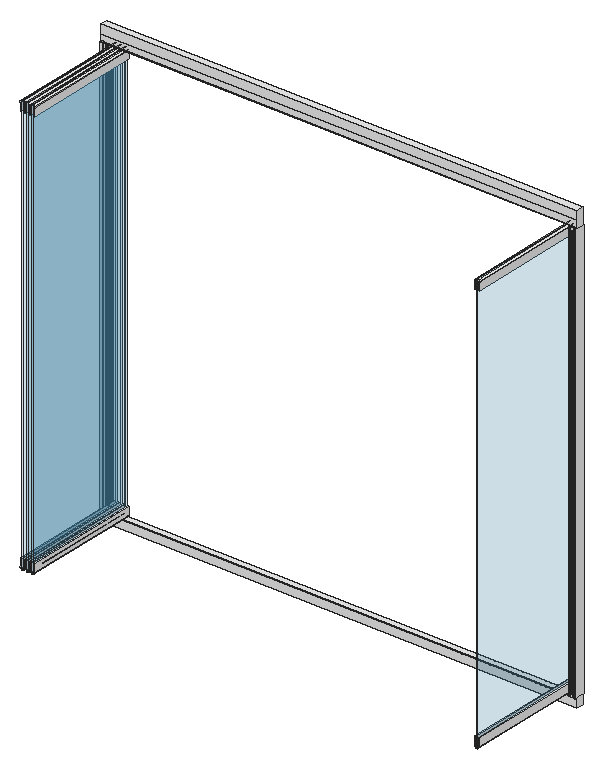
Revit family "Window-NanaWall-SL-25", category Windows, host Wall, Revit 2013 (continued)
Definition of nested family "Header_SL-25"
  Definition of nested family "Detail Item_Header_SL-25"
    Lines and regions (in)
      model lines, style "DetailComponents", in view "Ref. Level"
        curve 6: arc (-0.40687, -1.62503, 0) -> (-0.32309, -1.56987, 0) -> (-0.29062, -1.47496, 0) r 0.155
        curve 7: arc (-0.27125, -1.30058, 0) -> (-0.28495, -1.30626, 0) -> (-0.29062, -1.31996, 0) r 0.01937
        curve 8: arc (0.29063, -1.31996, 0) -> (0.28495, -1.30626, 0) -> (0.27125, -1.30058, 0) r 0.01937
        curve 9: arc (0.29063, -1.47496, 0) -> (0.32309, -1.56987, 0) -> (0.40688, -1.62503, 0) r 0.155
        curve 10: arc (0.40688, -1.68033, 0) -> (0.4239, -1.72143, 0) -> (0.465, -1.73846, 0) r 0.05812
        curve 11: arc (0.52313, -1.73846, 0) -> (0.5425, -1.71908, 0) -> (0.52313, -1.69971, 0) r 0.01938
        curve 12: arc (0.67813, -1.69971, 0) -> (0.65875, -1.71908, 0) -> (0.67813, -1.73846, 0) r 0.01938
        curve 13: arc (0.47655, -2.35928, 0) -> (0.46527, -2.37883, 0) -> (0.48255, -2.39333, 0) r 0.01755
        curve 14: arc (0.6117, -3.01969, 0) -> (0.54345, -3.07392, 0) -> (0.5215, -3.15828, 0) r 0.13756
        curve 15: arc (0.50741, -3.17825, 0) -> (0.4768, -3.1991, 0) -> (0.465, -3.23421, 0) r 0.05812
        curve 16: arc (0.465, -3.26521, 0) -> (0.47067, -3.27891, 0) -> (0.48437, -3.28458, 0) r 0.01938
        curve 17: arc (0.50375, -3.28458, 0) -> (0.51745, -3.27891, 0) -> (0.52313, -3.26521, 0) r 0.01938
        curve 18: arc (0.61046, -3.20421, 0) -> (0.60762, -3.18106, 0) -> (0.58458, -3.17741, 0) r 0.01938
        curve 19: arc (0.63952, -3.07188, 0) -> (0.58829, -3.11228, 0) -> (0.58458, -3.17741, 0) r 0.07944
        curve 20: arc (0.63952, -3.07188, 0) -> (0.65875, -3.08889, 0) -> (0.67798, -3.07188, 0) r 0.01938
        curve 21: arc (0.73292, -3.17741, 0) -> (0.72921, -3.11228, 0) -> (0.67798, -3.07188, 0) r 0.07944
        curve 22: arc (0.73292, -3.17741, 0) -> (0.70988, -3.18106, 0) -> (0.70704, -3.20421, 0) r 0.01937
        curve 23: arc (0.71688, -3.90458, 0) -> (0.75798, -3.88756, 0) -> (0.775, -3.84646, 0) r 0.05812
        curve 24: arc (0.6975, -3.90458, 0) -> (0.6748, -3.84978, 0) -> (0.62, -3.82708, 0) r 0.0775
        curve 25: arc (0.52313, -3.78833, 0) -> (0.51745, -3.77463, 0) -> (0.50375, -3.76896, 0) r 0.01938
        curve 26: arc (0.48437, -3.76896, 0) -> (0.47067, -3.77463, 0) -> (0.465, -3.78833, 0) r 0.01938
        curve 27: arc (0.40688, -3.84646, 0) -> (0.36577, -3.86348, 0) -> (0.34875, -3.90458, 0) r 0.05812
        curve 28: arc (0.34875, -3.96271, 0) -> (0.3601, -3.99011, 0) -> (0.3875, -4.00146, 0) r 0.03875
        curve 29: arc (0.71688, -4.00146, 0) -> (0.82648, -3.95606, 0) -> (0.87188, -3.84646, 0) r 0.155
        curve 30: arc (0.83814, -1.42717, 0) -> (0.82133, -1.43051, 0) -> (0.81375, -1.44588, 0) r 0.01937
        curve 31: arc (0.75563, -1.43621, 0) -> (0.74995, -1.42251, 0) -> (0.73625, -1.41683, 0) r 0.01938
        curve 32: arc (0.71688, -1.41683, 0) -> (0.70317, -1.42251, 0) -> (0.6975, -1.43621, 0) r 0.01937
        curve 33: arc (0.6975, -1.11458, 0) -> (0.70317, -1.12828, 0) -> (0.71688, -1.13396, 0) r 0.01937
        curve 34: arc (0.73625, -1.13396, 0) -> (0.74995, -1.12828, 0) -> (0.75563, -1.11458, 0) r 0.01938
        curve 35: arc (0.81375, -1.10491, 0) -> (0.82133, -1.12028, 0) -> (0.83814, -1.12362, 0) r 0.01937
        curve 36: arc (0.25963, -0.99833, 0) -> (0.28232, -1.05313, 0) -> (0.33713, -1.07583, 0) r 0.0775
        curve 37: arc (-0.33712, -1.07583, 0) -> (-0.28232, -1.05313, 0) -> (-0.25962, -0.99833, 0) r 0.0775
        curve 38: arc (-0.83814, -1.12362, 0) -> (-0.82133, -1.12028, 0) -> (-0.81375, -1.10491, 0) r 0.01937
        curve 39: arc (-0.75562, -1.11458, 0) -> (-0.74995, -1.12828, 0) -> (-0.73625, -1.13396, 0) r 0.01937
        curve 40: arc (-0.71687, -1.13396, 0) -> (-0.70317, -1.12828, 0) -> (-0.6975, -1.11458, 0) r 0.01937
        curve 41: arc (-0.6975, -1.43621, 0) -> (-0.70317, -1.42251, 0) -> (-0.71687, -1.41683, 0) r 0.01937
        curve 42: arc (-0.73625, -1.41683, 0) -> (-0.74995, -1.42251, 0) -> (-0.75562, -1.43621, 0) r 0.01937
        curve 43: arc (-0.81375, -1.44588, 0) -> (-0.82133, -1.43051, 0) -> (-0.83814, -1.42717, 0) r 0.01937
        curve 44: arc (-0.87187, -3.84646, 0) -> (-0.82648, -3.95606, 0) -> (-0.71687, -4.00146, 0) r 0.155
        curve 45: arc (-0.3875, -4.00146, 0) -> (-0.3601, -3.99011, 0) -> (-0.34875, -3.96271, 0) r 0.03875
        curve 46: arc (-0.34875, -3.90458, 0) -> (-0.36577, -3.86348, 0) -> (-0.40687, -3.84646, 0) r 0.05812
        curve 47: arc (-0.465, -3.78833, 0) -> (-0.47067, -3.77463, 0) -> (-0.48437, -3.76896, 0) r 0.01938
        curve 48: arc (-0.50375, -3.76896, 0) -> (-0.51745, -3.77463, 0) -> (-0.52312, -3.78833, 0) r 0.01937
        curve 49: arc (-0.62, -3.82708, 0) -> (-0.6748, -3.84978, 0) -> (-0.6975, -3.90458, 0) r 0.0775
        curve 50: arc (-0.775, -3.84646, 0) -> (-0.75798, -3.88756, 0) -> (-0.71687, -3.90458, 0) r 0.05812
        curve 51: arc (-0.70704, -3.20421, 0) -> (-0.70988, -3.18106, 0) -> (-0.73292, -3.17741, 0) r 0.01938
        curve 52: arc (-0.67798, -3.07188, 0) -> (-0.72921, -3.11228, 0) -> (-0.73292, -3.17741, 0) r 0.07944
        curve 53: arc (-0.67798, -3.07188, 0) -> (-0.65875, -3.08889, 0) -> (-0.63952, -3.07188, 0) r 0.01937
        curve 54: arc (-0.58458, -3.17741, 0) -> (-0.58829, -3.11228, 0) -> (-0.63952, -3.07188, 0) r 0.07944
        curve 55: arc (-0.58458, -3.17741, 0) -> (-0.60762, -3.18106, 0) -> (-0.61046, -3.20421, 0) r 0.01937
        curve 56: arc (-0.52312, -3.26521, 0) -> (-0.51745, -3.27891, 0) -> (-0.50375, -3.28458, 0) r 0.01937
        curve 57: arc (-0.48437, -3.28458, 0) -> (-0.47067, -3.27891, 0) -> (-0.465, -3.26521, 0) r 0.01938
        curve 58: arc (-0.465, -3.23421, 0) -> (-0.4768, -3.1991, 0) -> (-0.50741, -3.17825, 0) r 0.05812
        curve 59: arc (-0.5215, -3.15828, 0) -> (-0.52463, -3.11836, 0) -> (-0.53913, -3.08102, 0) r 0.13756
        curve 60: arc (0.73625, -1.62996, 0) -> (0.73058, -1.61626, 0) -> (0.71688, -1.61058, 0) r 0.01937
        curve 61: arc (-0.71687, -1.61058, 0) -> (-0.73058, -1.61626, 0) -> (-0.73625, -1.62996, 0) r 0.01937
        curve 62: arc (-0.5215, -3.15828, 0) -> (-0.518, -3.17076, 0) -> (-0.50741, -3.17825, 0) r 0.01937
        curve 63: arc (-0.52228, -3.05208, 0) -> (-0.53903, -3.06171, 0) -> (-0.53913, -3.08102, 0) r 0.01938
        curve 64: arc (0.50741, -3.17825, 0) -> (0.518, -3.17076, 0) -> (0.5215, -3.15828, 0) r 0.01938
        curve 65: arc (-0.25187, -5.93896, 0) -> (-0.23817, -5.93328, 0) -> (-0.2325, -5.91958, 0) r 0.01937
        curve 66: arc (-0.2325, -6.15208, 0) -> (-0.23817, -6.13838, 0) -> (-0.25187, -6.13271, 0) r 0.01937
        curve 67: arc (-0.25188, -6.28771, 0) -> (-0.23817, -6.28203, 0) -> (-0.2325, -6.26833, 0) r 0.01937
        curve 68: arc (-0.50375, -6.69458, 0) -> (-0.465, -6.73333, 0) -> (-0.42625, -6.69458, 0) r 0.03875
        curve 69: arc (-0.34875, -6.66552, 0) -> (-0.31969, -6.69458, 0) -> (-0.29062, -6.66552, 0) r 0.02906
        curve 70: arc (-0.2325, -6.57833, 0) -> (-0.23817, -6.56463, 0) -> (-0.25188, -6.55896, 0) r 0.01937
        curve 71: arc (-0.2325, -5.70646, 0) -> (-0.23817, -5.69276, 0) -> (-0.25187, -5.68708, 0) r 0.01937
        curve 72: arc (-0.27125, -5.68708, 0) -> (-0.28495, -5.69276, 0) -> (-0.29062, -5.70646, 0) r 0.01937
        curve 73: arc (0.31, -5.59021, 0) -> (0.31567, -5.60391, 0) -> (0.32938, -5.60958, 0) r 0.01937
        curve 74: arc (0.34875, -5.60958, 0) -> (0.36245, -5.60391, 0) -> (0.36812, -5.59021, 0) r 0.01937
        curve 75: arc (0.04965, -5.35174, 0) -> (0.02699, -5.35377, 0) -> (0.02188, -5.37595, 0) r 0.01937
        curve 76: arc (-0.07707, -5.31881, 0) -> (-0.03972, -5.36838, 0) -> (0.02188, -5.37595, 0) r 0.07944
        curve 77: arc (-0.07707, -5.31881, 0) -> (-0.06006, -5.29958, 0) -> (-0.07707, -5.28035, 0) r 0.01937
        curve 78: arc (0.02188, -5.22322, 0) -> (-0.03972, -5.23079, 0) -> (-0.07707, -5.28035, 0) r 0.07944
        curve 79: arc (0.02188, -5.22322, 0) -> (0.02688, -5.2453, 0) -> (0.04941, -5.24757, 0) r 0.01937
        curve 80: arc (0.36812, -4.98958, 0) -> (0.36245, -4.97588, 0) -> (0.34875, -4.97021, 0) r 0.01937
        curve 81: arc (0.29062, -4.97021, 0) -> (0.27692, -4.97588, 0) -> (0.27125, -4.98958, 0) r 0.01937
        curve 82: arc (0.27125, -5.00896, 0) -> (0.27692, -5.02266, 0) -> (0.29062, -5.02833, 0) r 0.01937
        curve 83: arc (-0.25187, -5.14458, 0) -> (-0.25755, -5.13088, 0) -> (-0.27125, -5.12521, 0) r 0.01937
        curve 84: arc (-0.31, -5.12521, 0) -> (-0.3237, -5.13088, 0) -> (-0.32937, -5.14458, 0) r 0.01937
        curve 85: arc (-0.32937, -5.18333, 0) -> (-0.3237, -5.19703, 0) -> (-0.31, -5.20271, 0) r 0.01937
        curve 86: arc (-0.1619, -5.22975, 0) -> (-0.17089, -5.25618, 0) -> (-0.1756, -5.2837, 0) r 0.17631
        curve 87: arc (-0.3875, -4.98958, 0) -> (-0.36812, -4.97021, 0) -> (-0.3875, -4.95083, 0) r 0.01937
        curve 88: arc (-0.3875, -4.64083, 0) -> (-0.36812, -4.62146, 0) -> (-0.3875, -4.60208, 0) r 0.01937
        curve 89: arc (-0.32937, -4.44708, 0) -> (-0.31803, -4.47448, 0) -> (-0.29062, -4.48583, 0) r 0.03875
        curve 90: arc (-0.27125, -4.48583, 0) -> (-0.25755, -4.48016, 0) -> (-0.25187, -4.46646, 0) r 0.01937
        curve 91: arc (-0.25187, -4.21458, 0) -> (-0.25755, -4.20088, 0) -> (-0.27125, -4.19521, 0) r 0.01937
        curve 92: arc (-0.58125, -6.83021, 0) -> (-0.53585, -6.93981, 0) -> (-0.42625, -6.98521, 0) r 0.155
        curve 93: arc (-0.27125, -6.98521, 0) -> (-0.25755, -6.97953, 0) -> (-0.25187, -6.96583, 0) r 0.01937
        curve 94: arc (-0.37712, -6.88833, 0) -> (-0.33276, -6.92366, 0) -> (-0.27622, -6.91933, 0) r 0.0775
        curve 95: arc (-0.42625, -6.81083, 0) -> (-0.465, -6.84958, 0) -> (-0.42625, -6.88833, 0) r 0.03875
        curve 96: arc (-0.27622, -6.77983, 0) -> (-0.33276, -6.7755, 0) -> (-0.37712, -6.81083, 0) r 0.0775
        curve 97: arc (-0.2552, -6.75881, 0) -> (-0.2384, -6.73367, 0) -> (-0.2325, -6.70401, 0) r 0.0775
        curve 98: arc (-0.44562, -5.24146, 0) -> (-0.42293, -5.29626, 0) -> (-0.36812, -5.31896, 0) r 0.0775
        curve 99: arc (-0.37173, -5.45458, 0) -> (-0.42521, -5.47599, 0) -> (-0.44914, -5.5284, 0) r 0.0775
        curve 100: arc (-0.21419, -5.31896, 0) -> (-0.18805, -5.30881, 0) -> (-0.1756, -5.2837, 0) r 0.03875
        curve 101: arc (-0.42625, -4.38896, 0) -> (-0.45365, -4.40031, 0) -> (-0.465, -4.42771, 0) r 0.03875
        curve 102: arc (-0.42625, -4.98958, 0) -> (-0.43995, -4.99526, 0) -> (-0.44562, -5.00896, 0) r 0.01937
        curve 103: arc (-0.465, -4.93146, 0) -> (-0.45933, -4.94516, 0) -> (-0.44562, -4.95083, 0) r 0.01937
        curve 104: arc (-0.44562, -4.64083, 0) -> (-0.45933, -4.64651, 0) -> (-0.465, -4.66021, 0) r 0.01937
        curve 105: arc (-0.465, -4.58271, 0) -> (-0.45933, -4.59641, 0) -> (-0.44562, -4.60208, 0) r 0.01937
        curve 106: arc (-0.48437, -6.11333, 0) -> (-0.4787, -6.12703, 0) -> (-0.465, -6.13271, 0) r 0.01937
        curve 107: arc (-0.46403, -5.84116, 0) -> (-0.4587, -5.85545, 0) -> (-0.44468, -5.86146, 0) r 0.01937
        curve 108: arc (-0.48437, -6.21021, 0) -> (-0.49808, -6.21588, 0) -> (-0.50375, -6.22958, 0) r 0.01938
        curve 109: arc (-0.32937, -4.40833, 0) -> (-0.33505, -4.39463, 0) -> (-0.34875, -4.38896, 0) r 0.01938
        curve 110: arc (-0.465, -5.93896, 0) -> (-0.4787, -5.94463, 0) -> (-0.48437, -5.95833, 0) r 0.01937
        curve 111: arc (-0.1619, -5.22975, 0) -> (-0.1635, -5.21143, 0) -> (-0.17969, -5.20271, 0) r 0.01937
        curve 112: arc (0.32162, -6.90771, 0) -> (0.31595, -6.89401, 0) -> (0.30225, -6.88833, 0) r 0.01937
        curve 113: arc (0.465, -6.98521, 0) -> (0.5746, -6.93981, 0) -> (0.62, -6.83021, 0) r 0.155
        curve 114: arc (0.32938, -4.19521, 0) -> (0.30197, -4.20656, 0) -> (0.29063, -4.23396, 0) r 0.03875
        curve 115: arc (0.29063, -4.30018, 0) -> (0.29863, -4.32377, 0) -> (0.31935, -4.33761, 0) r 0.03875
        curve 116: arc (0.40874, -4.36157, 0) -> (0.41243, -4.36165, 0) -> (0.41573, -4.36002, 0) r 0.00775
        curve 117: arc (0.5425, -4.38121, 0) -> (0.53115, -4.35381, 0) -> (0.50375, -4.34246, 0) r 0.03875
        curve 118: arc (0.4855, -6.90495, 0) -> (0.52662, -6.8772, 0) -> (0.5425, -6.83021, 0) r 0.0775
        curve 119: arc (0.44459, -6.83408, 0) -> (0.4372, -6.83024, 0) -> (0.43059, -6.83531, 0) r 0.00775
        curve 120: arc (-0.92031, -2.10271, 0) -> (-0.90661, -2.09703, 0) -> (-0.90094, -2.08333, 0) r 0.01937
        curve 121: arc (-0.96875, -2.08333, 0) -> (-0.96308, -2.09703, 0) -> (-0.94937, -2.10271, 0) r 0.01938
        curve 122: arc (-0.90094, -1.92348, 0) -> (-0.87803, -1.84293, 0) -> (-0.89125, -1.76024, 0) r 0.19375
        curve 123: arc (-0.89125, -1.51517, 0) -> (-0.87769, -1.44396, 0) -> (-0.89125, -1.37274, 0) r 0.19375
        curve 124: arc (0.94938, -2.10271, 0) -> (0.96308, -2.09703, 0) -> (0.96875, -2.08333, 0) r 0.01938
        curve 125: arc (0.90094, -2.08333, 0) -> (0.90661, -2.09703, 0) -> (0.92031, -2.10271, 0) r 0.01938
        curve 126: arc (0.89125, -1.76024, 0) -> (0.87803, -1.84293, 0) -> (0.90094, -1.92348, 0) r 0.19375
        curve 127: arc (0.89125, -1.37274, 0) -> (0.87769, -1.44396, 0) -> (0.89125, -1.51517, 0) r 0.19375
        curve 128: arc (-0.77698, -0.27713, 0) -> (-0.87423, -0.22098, 0) -> (-0.81808, -0.31823, 0) r 0.05812
        curve 129: arc (-0.89125, -1.12767, 0) -> (-0.87769, -1.05646, 0) -> (-0.89125, -0.98524, 0) r 0.19375
        curve 130: arc (-0.85898, -0.38336, 0) -> (-0.8228, -0.37214, 0) -> (-0.81347, -0.33543, 0) r 0.03875
        curve 131: arc (-0.89125, -0.74017, 0) -> (-0.87769, -0.66896, 0) -> (-0.89125, -0.59774, 0) r 0.19375
        curve 132: arc (-0.87564, -0.37857, 0) -> (-0.86739, -0.38125, 0) -> (-0.85898, -0.38336, 0) r 0.124
        curve 133: arc (-0.87564, -0.37857, 0) -> (-0.88629, -0.37996, 0) -> (-0.89125, -0.38949, 0) r 0.01163
        curve 134: arc (-0.5425, -0.38608, 0) -> (-0.53683, -0.39978, 0) -> (-0.52312, -0.40546, 0) r 0.01937
        curve 135: arc (-0.52312, -0.33571, 0) -> (-0.53683, -0.34138, 0) -> (-0.5425, -0.35508, 0) r 0.01937
        curve 136: arc (-0.43594, -0.33571, 0) -> (-0.42224, -0.33003, 0) -> (-0.41656, -0.31633, 0) r 0.01937
        curve 137: arc (-0.19375, -0.34733, 0) -> (-0.19942, -0.33363, 0) -> (-0.21312, -0.32796, 0) r 0.01938
        curve 138: arc (-0.21312, -0.40546, 0) -> (-0.19942, -0.39978, 0) -> (-0.19375, -0.38608, 0) r 0.01938
        curve 139: arc (-0.75978, -0.28173, 0) -> (-0.72307, -0.27241, 0) -> (-0.71185, -0.23623, 0) r 0.03875
        curve 140: arc (-0.70572, -0.20396, 0) -> (-0.71525, -0.20892, 0) -> (-0.71664, -0.21957, 0) r 0.01163
        curve 141: arc (-0.71185, -0.23623, 0) -> (-0.71395, -0.22781, 0) -> (-0.71664, -0.21957, 0) r 0.124
        curve 142: arc (-0.41656, -0.22333, 0) -> (-0.42224, -0.20963, 0) -> (-0.43594, -0.20396, 0) r 0.01937
        curve 143: arc (-0.27706, -0.25821, 0) -> (-0.26336, -0.25253, 0) -> (-0.25769, -0.23883, 0) r 0.01937
        curve 144: arc (0.81808, -0.31823, 0) -> (0.87423, -0.22098, 0) -> (0.77698, -0.27713, 0) r 0.05812
        curve 145: arc (0.19375, -0.38608, 0) -> (0.19942, -0.39978, 0) -> (0.21313, -0.40546, 0) r 0.01937
        curve 146: arc (0.21313, -0.32796, 0) -> (0.19942, -0.33363, 0) -> (0.19375, -0.34733, 0) r 0.01937
        curve 147: arc (0.41656, -0.31633, 0) -> (0.42224, -0.33003, 0) -> (0.43594, -0.33571, 0) r 0.01938
        curve 148: arc (0.52313, -0.40546, 0) -> (0.53683, -0.39978, 0) -> (0.5425, -0.38608, 0) r 0.01938
        curve 149: arc (0.5425, -0.35508, 0) -> (0.53683, -0.34138, 0) -> (0.52313, -0.33571, 0) r 0.01938
        curve 150: arc (0.89125, -0.98524, 0) -> (0.87769, -1.05646, 0) -> (0.89125, -1.12767, 0) r 0.19375
        curve 151: arc (0.89125, -0.59774, 0) -> (0.87769, -0.66896, 0) -> (0.89125, -0.74017, 0) r 0.19375
        curve 152: arc (0.81347, -0.33543, 0) -> (0.8228, -0.37214, 0) -> (0.85898, -0.38336, 0) r 0.03875
        curve 153: arc (0.89125, -0.38949, 0) -> (0.88629, -0.37996, 0) -> (0.87564, -0.37857, 0) r 0.01163
        curve 154: arc (0.85898, -0.38336, 0) -> (0.86739, -0.38125, 0) -> (0.87564, -0.37857, 0) r 0.124
        curve 155: arc (0.25769, -0.23883, 0) -> (0.26336, -0.25253, 0) -> (0.27706, -0.25821, 0) r 0.01937
        curve 156: arc (0.43594, -0.20396, 0) -> (0.42224, -0.20963, 0) -> (0.41656, -0.22333, 0) r 0.01938
        curve 157: arc (0.71185, -0.23623, 0) -> (0.72307, -0.27241, 0) -> (0.75978, -0.28173, 0) r 0.03875
        curve 158: arc (0.71664, -0.21957, 0) -> (0.71395, -0.22781, 0) -> (0.71185, -0.23623, 0) r 0.124
        curve 159: arc (0.71664, -0.21957, 0) -> (0.71525, -0.20892, 0) -> (0.70572, -0.20396, 0) r 0.01162
        curve 160: arc (-0.23726, -1.07154, 0) -> (-0.23926, -1.06833, 0) -> (-0.24219, -1.06592, 0) r 0.01163
        curve 161: arc (-0.21278, -1.13066, 0) -> (-0.20849, -1.13587, 0) -> (-0.20203, -1.13783, 0) r 0.01163
        curve 162: arc (0.24219, -1.06592, 0) -> (0.23926, -1.06833, 0) -> (0.23726, -1.07154, 0) r 0.01163
        curve 163: arc (0.20203, -1.13783, 0) -> (0.20849, -1.13587, 0) -> (0.21278, -1.13066, 0) r 0.01162
        curve 164: arc (-0.2325, -0.07221, 0) -> (-0.2462, -0.07788, 0) -> (-0.25187, -0.09158, 0) r 0.01938
        curve 165: arc (0.25769, -0.23883, 0) -> (0.26336, -0.25253, 0) -> (0.27706, -0.25821, 0) r 0.01937
        curve 166: arc (0.25187, -0.09158, 0) -> (0.2462, -0.07788, 0) -> (0.2325, -0.07221, 0) r 0.01937
        curve 167: arc (-0.20507, -6.90291, 0) -> (-0.20423, -6.91726, 0) -> (-0.19375, -6.92708, 0) r 0.01937
        curve 168: arc (-0.20507, -6.84479, 0) -> (-0.20423, -6.85913, 0) -> (-0.19375, -6.86896, 0) r 0.01937
        curve 169: arc (-0.20507, -6.78666, 0) -> (-0.20423, -6.80101, 0) -> (-0.19375, -6.81083, 0) r 0.01937
        curve 170: arc (-0.19502, -6.75653, 0) -> (-0.19514, -6.74394, 0) -> (-0.20295, -6.73408, 0) r 0.01937
        curve 171: arc (-0.21006, -6.72953, 0) -> (-0.22466, -6.72691, 0) -> (-0.23683, -6.73539, 0) r 0.01937
        curve 172: arc (-0.25187, -6.97718, 0) -> (-0.23991, -6.99508, 0) -> (-0.2188, -6.99088, 0) r 0.01938
        curve 173: arc (-0.31, -6.88833, 0) -> (-0.27125, -6.84958, 0) -> (-0.31, -6.81083, 0) r 0.03875
        curve 174: arc (-0.31, -6.81083, 0) -> (-0.34875, -6.84958, 0) -> (-0.31, -6.88833, 0) r 0.03875
        curve 175: arc (-0.2051, -6.97718, 0) -> (-0.1967, -6.96461, 0) -> (-0.19375, -6.94978, 0) r 0.03875
        curve 176: arc (-0.26819, -6.78433, 0) -> (-0.3875, -6.84958, 0) -> (-0.26819, -6.91484, 0) r 0.0775
        curve 177: line (-0.43804, -6.22958, 0) -> (-0.48437, -6.42333, 0)
        curve 178: line (-0.48437, -6.42333, 0) -> (-0.43804, -6.61708, 0)
        curve 179: arc (-0.29837, -6.26446, 0) -> (-0.30225, -6.25774, 0) -> (-0.31, -6.25774, 0) r 0.00775
        curve 180: arc (-0.40486, -6.31251, 0) -> (-0.41028, -6.32559, 0) -> (-0.39905, -6.33421, 0) r 0.01162
        curve 181: arc (-0.39905, -6.51246, 0) -> (-0.41028, -6.52107, 0) -> (-0.40486, -6.53415, 0) r 0.01162
        curve 182: arc (-0.31, -6.58892, 0) -> (-0.30225, -6.58892, 0) -> (-0.29837, -6.58221, 0) r 0.00775
        curve 183: arc (0.47695, -6.85994, 0) -> (0.50595, -6.87195, 0) -> (0.52506, -6.84705, 0) r 0.02578
        curve 184: arc (0.37781, -6.80308, 0) -> (0.38349, -6.81678, 0) -> (0.39719, -6.82246, 0) r 0.01937
        curve 185: arc (0.14531, -5.32864, 0) -> (0.15099, -5.34234, 0) -> (0.16469, -5.34802, 0) r 0.01937
        curve 186: arc (0.16469, -5.25114, 0) -> (0.15099, -5.25682, 0) -> (0.14531, -5.27052, 0) r 0.01937
        curve 187: arc (0.34875, -4.41996, 0) -> (0.35442, -4.43366, 0) -> (0.36813, -4.43933, 0) r 0.01938
        curve 188: arc (0.36813, -4.38121, 0) -> (0.35442, -4.38688, 0) -> (0.34875, -4.40058, 0) r 0.01938
        curve 189: arc (0.45265, -4.35037, 0) -> (0.4397, -4.35229, 0) -> (0.42869, -4.35939, 0) r 0.031
        curve 190: arc (0.52506, -4.42771, 0) -> (0.50413, -4.37474, 0) -> (0.45265, -4.35037, 0) r 0.0775
        curve 191: arc (0.50569, -4.44708, 0) -> (0.51939, -4.44141, 0) -> (0.52506, -4.42771, 0) r 0.01938
        curve 192: arc (0.01936, -3.38113, 0) -> (0.03561, -3.38035, 0) -> (0.05183, -3.37912, 0) r 0.58397
        curve 193: arc (0.05183, -3.37912, 0) -> (0.0567, -3.37866, 0) -> (0.06156, -3.37816, 0) r 0.6057
        curve 194: line (0.06156, -3.37816, 0) -> (0.19016, -3.35204, 0)
        curve 195: line (-0.19016, -3.35204, 0) -> (-0.06156, -3.37816, 0)
        curve 196: arc (-0.06156, -3.37816, 0) -> (-0.05675, -3.37865, 0) -> (-0.05194, -3.37911, 0) r 0.60576
        curve 197: arc (-0.05194, -3.37911, 0) -> (-0.03567, -3.38034, 0) -> (-0.01936, -3.38113, 0) r 0.584
        curve 198: line (-0.38033, -3.21713, 0) -> (-0.28525, -3.18771, 0)
        curve 199: line (-0.28525, -3.18771, 0) -> (-0.19016, -3.21713, 0)
        curve 200: line (-0.26252, -3.37965, 0) -> (-0.19016, -3.35204, 0)
        curve 201: line (-0.38033, -3.35204, 0) -> (-0.28525, -3.38146, 0)
        curve 202: line (0.28525, -3.18771, 0) -> (0.38033, -3.21713, 0)
        curve 203: line (0.19016, -3.21713, 0) -> (0.28525, -3.18771, 0)
        curve 204: arc (0.28525, -3.38146, 0) -> (0.29723, -3.38095, 0) -> (0.30913, -3.37947, 0) r 0.14677
        curve 205: line (0.30913, -3.37947, 0) -> (0.38033, -3.35204, 0)
        curve 206: line (0.19016, -3.35204, 0) -> (0.26075, -3.37936, 0)
        curve 207: line (0.26075, -3.37936, 0) -> (0.28525, -3.38146, 0)
        curve 208: line (-0.19016, -3.21713, 0) -> (0, -3.18771, 0)
        curve 209: line (0, -3.18771, 0) -> (0.19016, -3.21713, 0)
        curve 210: arc (0.73625, -3.82708, 0) -> (0.76365, -3.81573, 0) -> (0.775, -3.78833, 0) r 0.03875
        curve 211: arc (0.775, -3.28458, 0) -> (0.76365, -3.25718, 0) -> (0.73625, -3.24583, 0) r 0.03875
        curve 212: arc (0.27125, -4.52458, 0) -> (0.2599, -4.49718, 0) -> (0.2325, -4.48583, 0) r 0.03875
        curve 213: arc (0.2325, -5.10583, 0) -> (0.2599, -5.09448, 0) -> (0.27125, -5.06708, 0) r 0.03875
        curve 214: arc (-0.31, -5.10583, 0) -> (-0.3237, -5.11151, 0) -> (-0.32937, -5.12521, 0) r 0.01937
        curve 215: arc (-0.36812, -5.20271, 0) -> (-0.34072, -5.19136, 0) -> (-0.32937, -5.16396, 0) r 0.03875
        curve 216: arc (-0.42625, -5.18333, 0) -> (-0.42058, -5.19703, 0) -> (-0.40687, -5.20271, 0) r 0.01937
        curve 217: arc (-0.40687, -4.38896, 0) -> (-0.42058, -4.39463, 0) -> (-0.42625, -4.40833, 0) r 0.01937
        curve 218: arc (-0.32937, -4.42771, 0) -> (-0.3304, -4.41887, 0) -> (-0.33341, -4.41049, 0) r 0.03875
        curve 219: arc (-0.33341, -4.41049, 0) -> (-0.34072, -4.40031, 0) -> (-0.35091, -4.39299, 0) r 0.03875
        curve 220: arc (-0.35091, -4.39299, 0) -> (-0.35929, -4.38998, 0) -> (-0.36812, -4.38896, 0) r 0.03875
        curve 221: arc (-0.32937, -4.46646, 0) -> (-0.3237, -4.48016, 0) -> (-0.31, -4.48583, 0) r 0.01937
        curve 222: arc (-0.6975, -3.67208, 0) -> (-0.69183, -3.68578, 0) -> (-0.67812, -3.69146, 0) r 0.01938
        curve 223: arc (-0.67812, -3.38146, 0) -> (-0.69183, -3.38713, 0) -> (-0.6975, -3.40083, 0) r 0.01938
        curve 224: arc (0.33872, -3.69278, 0) -> (0.31801, -3.70662, 0) -> (0.31, -3.73021, 0) r 0.03875
        curve 225: arc (0.34875, -3.69146, 0) -> (0.34395, -3.69176, 0) -> (0.33922, -3.69265, 0) r 0.03875
        curve 226: arc (-0.31, -3.73021, 0) -> (-0.32135, -3.70281, 0) -> (-0.34875, -3.69146, 0) r 0.03875
        curve 227: arc (0.33872, -3.69278, 0) -> (0.31801, -3.70662, 0) -> (0.31, -3.73021, 0) r 0.03875
        curve 228: arc (0.34875, -3.69146, 0) -> (0.34395, -3.69176, 0) -> (0.33922, -3.69265, 0) r 0.03875
        curve 229: arc (-0.31, -3.73021, 0) -> (-0.32135, -3.70281, 0) -> (-0.34875, -3.69146, 0) r 0.03875
        curve 230: arc (0.30433, -4.10401, 0) -> (0.30822, -4.09841, 0) -> (0.30994, -4.09182, 0) r 0.01937
        curve 231: arc (-0.2325, -4.46646, 0) -> (-0.22683, -4.48016, 0) -> (-0.21312, -4.48583, 0) r 0.01938
        curve 232: arc (0.21313, -4.48583, 0) -> (0.22683, -4.48016, 0) -> (0.2325, -4.46646, 0) r 0.01937
        curve 233: arc (-0.30994, -4.09182, 0) -> (-0.30822, -4.09841, 0) -> (-0.30433, -4.10401, 0) r 0.01938
        curve 234: arc (0.3875, -3.40083, 0) -> (0.38183, -3.38713, 0) -> (0.36813, -3.38146, 0) r 0.01938
        curve 235: arc (0.36813, -3.69146, 0) -> (0.38183, -3.68578, 0) -> (0.3875, -3.67208, 0) r 0.01938
        curve 236: arc (0.2552, -4.15313, 0) -> (0.2384, -4.17828, 0) -> (0.2325, -4.20793, 0) r 0.0775
        curve 237: arc (-0.2325, -4.20793, 0) -> (-0.2384, -4.17828, 0) -> (-0.2552, -4.15313, 0) r 0.0775
        curve 238: arc (0.63938, -3.16833, 0) -> (0.62567, -3.17401, 0) -> (0.62, -3.18771, 0) r 0.01938
        curve 239: arc (0.6975, -3.18771, 0) -> (0.69183, -3.17401, 0) -> (0.67813, -3.16833, 0) r 0.01938
        curve 240: line (0.21762, -5.25114, 0) -> (0.21514, -5.24478, 0)
        curve 241: line (0.171, -5.36823, 0) -> (0.16744, -5.34981, 0)
        curve 242: line (0.1555, -5.25346, 0) -> (0.15393, -5.24339, 0)
        curve 243: line (0.21321, -5.34802, 0) -> (0.21565, -5.35426, 0)
        curve 244: line (0.26091, -5.23544, 0) -> (0.25779, -5.22546, 0)
        curve 245: line (0.36708, -5.29958, 0) -> (0.37208, -5.33055, 0)
        curve 246: line (0.383, -5.33971, 0) -> (0.37429, -5.26676, 0)
        curve 247: line (0.22455, -5.36542, 0) -> (0.22142, -5.34802, 0)
        curve 248: arc (0.20941, -5.25114, 0) -> (0.20881, -5.24727, 0) -> (0.20818, -5.24339, 0) r 0.36075
        curve 249: line (0.39665, -5.35117, 0) -> (0.38874, -5.29958, 0)
        curve 250: line (0.09583, -5.29958, 0) -> (0.10715, -5.35427, 0)
        curve 251: line (0.13081, -5.35577, 0) -> (0.118, -5.29958, 0)
        curve 252: line (0.38874, -5.29958, 0) -> (0.38249, -5.25988, 0)
        curve 253: line (0.18502, -5.35577, 0) -> (0.18114, -5.34802, 0)
        curve 254: line (0.24011, -5.35616, 0) -> (0.23537, -5.34802, 0)
        curve 255: line (0.36364, -5.27768, 0) -> (0.36708, -5.29958, 0)
        curve 256: line (0.15868, -5.34706, 0) -> (0.16132, -5.35414, 0)
        curve 257: line (0.118, -5.29958, 0) -> (0.10664, -5.24477, 0)
        curve 258: line (0.11755, -5.37088, 0) -> (0.09969, -5.24349, 0)
        curve 259: line (0.19076, -5.24301, 0) -> (0.19544, -5.25114, 0)
        curve 260: line (0.13651, -5.24301, 0) -> (0.14535, -5.26925, 0)
        curve 261: line (0.08226, -5.24301, 0) -> (0.09583, -5.29958, 0)
        curve 262: line (0.16337, -5.25119, 0) -> (0.16089, -5.24478, 0)
        curve 263: arc (0.34734, -6.99742, 0) -> (0.34788, -6.98939, 0) -> (0.341, -6.98521, 0) r 0.00775
        curve 264: arc (0.31388, -6.88833, 0) -> (0.32094, -6.88376, 0) -> (0.31967, -6.87543, 0) r 0.00775
        curve 265: arc (0.22084, -6.74241, 0) -> (0.20045, -6.73995, 0) -> (0.19551, -6.75987, 0) r 0.0155
        curve 266: arc (0.20765, -7.00267, 0) -> (0.19441, -7.02947, 0) -> (0.21851, -7.04716, 0) r 0.02325
        curve 267: arc (0.3085, -7.04006, 0) -> (0.31672, -7.03762, 0) -> (0.32309, -7.03187, 0) r 0.01937
        curve 268: arc (0.21438, -6.99971, 0) -> (0.25055, -6.96308, 0) -> (0.25174, -6.91162, 0) r 0.06975
        curve 269: arc (-0.1619, -5.22975, 0) -> (-0.1635, -5.21143, 0) -> (-0.17969, -5.20271, 0) r 0.01937
        curve 270: arc (-0.465, -5.93896, 0) -> (-0.4787, -5.94463, 0) -> (-0.48437, -5.95833, 0) r 0.01937
        curve 271: arc (-0.32937, -4.40833, 0) -> (-0.33505, -4.39463, 0) -> (-0.34875, -4.38896, 0) r 0.01938
        curve 272: arc (-0.48437, -6.21021, 0) -> (-0.49808, -6.21588, 0) -> (-0.50375, -6.22958, 0) r 0.01938
        curve 273: arc (-0.46403, -5.84116, 0) -> (-0.4587, -5.85545, 0) -> (-0.44468, -5.86146, 0) r 0.01937
        curve 274: arc (-0.48437, -6.11333, 0) -> (-0.4787, -6.12703, 0) -> (-0.465, -6.13271, 0) r 0.01937
        curve 275: arc (-0.465, -4.58271, 0) -> (-0.45933, -4.59641, 0) -> (-0.44562, -4.60208, 0) r 0.01937
        curve 276: arc (-0.44562, -4.64083, 0) -> (-0.45933, -4.64651, 0) -> (-0.465, -4.66021, 0) r 0.01937
        curve 277: arc (-0.465, -4.93146, 0) -> (-0.45933, -4.94516, 0) -> (-0.44562, -4.95083, 0) r 0.01937
        curve 278: arc (-0.42625, -4.98958, 0) -> (-0.43995, -4.99526, 0) -> (-0.44562, -5.00896, 0) r 0.01937
        curve 279: arc (-0.42625, -4.38896, 0) -> (-0.45365, -4.40031, 0) -> (-0.465, -4.42771, 0) r 0.03875
        curve 280: arc (-0.21419, -5.31896, 0) -> (-0.18805, -5.30881, 0) -> (-0.1756, -5.2837, 0) r 0.03875
        curve 281: arc (-0.37173, -5.45458, 0) -> (-0.42521, -5.47599, 0) -> (-0.44914, -5.5284, 0) r 0.0775
        curve 282: arc (-0.44562, -5.24146, 0) -> (-0.42293, -5.29626, 0) -> (-0.36812, -5.31896, 0) r 0.0775
        curve 283: arc (-0.42625, -6.81083, 0) -> (-0.465, -6.84958, 0) -> (-0.42625, -6.88833, 0) r 0.03875
        curve 284: arc (-0.58125, -6.83021, 0) -> (-0.53585, -6.93981, 0) -> (-0.42625, -6.98521, 0) r 0.155
        curve 285: arc (-0.25187, -4.21458, 0) -> (-0.25755, -4.20088, 0) -> (-0.27125, -4.19521, 0) r 0.01937
        curve 286: arc (-0.27125, -4.48583, 0) -> (-0.25755, -4.48016, 0) -> (-0.25187, -4.46646, 0) r 0.01937
        curve 287: arc (-0.32937, -4.44708, 0) -> (-0.31803, -4.47448, 0) -> (-0.29062, -4.48583, 0) r 0.03875
        curve 288: arc (-0.3875, -4.64083, 0) -> (-0.36812, -4.62146, 0) -> (-0.3875, -4.60208, 0) r 0.01937
        curve 289: arc (-0.3875, -4.98958, 0) -> (-0.36812, -4.97021, 0) -> (-0.3875, -4.95083, 0) r 0.01937
        curve 290: arc (-0.1619, -5.22975, 0) -> (-0.17089, -5.25618, 0) -> (-0.1756, -5.2837, 0) r 0.17631
        curve 291: arc (-0.32937, -5.18333, 0) -> (-0.3237, -5.19703, 0) -> (-0.31, -5.20271, 0) r 0.01937
        curve 292: arc (-0.31, -5.12521, 0) -> (-0.3237, -5.13088, 0) -> (-0.32937, -5.14458, 0) r 0.01937
        curve 293: arc (-0.25187, -5.14458, 0) -> (-0.25755, -5.13088, 0) -> (-0.27125, -5.12521, 0) r 0.01937
        curve 294: arc (0.27125, -5.00896, 0) -> (0.27692, -5.02266, 0) -> (0.29062, -5.02833, 0) r 0.01937
        curve 295: arc (0.29062, -4.97021, 0) -> (0.27692, -4.97588, 0) -> (0.27125, -4.98958, 0) r 0.01937
        curve 296: arc (0.36812, -4.98958, 0) -> (0.36245, -4.97588, 0) -> (0.34875, -4.97021, 0) r 0.01937
        curve 297: arc (0.02188, -5.22322, 0) -> (-0.03972, -5.23079, 0) -> (-0.07707, -5.28035, 0) r 0.07944
        curve 298: arc (-0.07707, -5.31881, 0) -> (-0.06006, -5.29958, 0) -> (-0.07707, -5.28035, 0) r 0.01937
        curve 299: arc (-0.07707, -5.31881, 0) -> (-0.03972, -5.36838, 0) -> (0.02188, -5.37595, 0) r 0.07944
        curve 300: arc (-0.50375, -6.69458, 0) -> (-0.465, -6.73333, 0) -> (-0.42625, -6.69458, 0) r 0.03875
        curve 301: arc (-0.1619, -5.22975, 0) -> (-0.1635, -5.21143, 0) -> (-0.17969, -5.20271, 0) r 0.01937
        curve 302: arc (-0.465, -5.93896, 0) -> (-0.4787, -5.94463, 0) -> (-0.48437, -5.95833, 0) r 0.01937
        curve 303: arc (-0.32937, -4.40833, 0) -> (-0.33505, -4.39463, 0) -> (-0.34875, -4.38896, 0) r 0.01938
        curve 304: arc (-0.48437, -6.21021, 0) -> (-0.49808, -6.21588, 0) -> (-0.50375, -6.22958, 0) r 0.01938
        curve 305: arc (-0.46403, -5.84116, 0) -> (-0.4587, -5.85545, 0) -> (-0.44468, -5.86146, 0) r 0.01937
        curve 306: arc (-0.48437, -6.11333, 0) -> (-0.4787, -6.12703, 0) -> (-0.465, -6.13271, 0) r 0.01937
        curve 307: arc (-0.465, -4.58271, 0) -> (-0.45933, -4.59641, 0) -> (-0.44562, -4.60208, 0) r 0.01937
        curve 308: arc (-0.44562, -4.64083, 0) -> (-0.45933, -4.64651, 0) -> (-0.465, -4.66021, 0) r 0.01937
        curve 309: arc (-0.465, -4.93146, 0) -> (-0.45933, -4.94516, 0) -> (-0.44562, -4.95083, 0) r 0.01937
        curve 310: arc (-0.42625, -4.98958, 0) -> (-0.43995, -4.99526, 0) -> (-0.44562, -5.00896, 0) r 0.01937
        curve 311: arc (-0.42625, -4.38896, 0) -> (-0.45365, -4.40031, 0) -> (-0.465, -4.42771, 0) r 0.03875
        curve 312: arc (-0.21419, -5.31896, 0) -> (-0.18805, -5.30881, 0) -> (-0.1756, -5.2837, 0) r 0.03875
        curve 313: arc (-0.37173, -5.45458, 0) -> (-0.42521, -5.47599, 0) -> (-0.44914, -5.5284, 0) r 0.0775
        curve 314: arc (-0.44562, -5.24146, 0) -> (-0.42293, -5.29626, 0) -> (-0.36812, -5.31896, 0) r 0.0775
        curve 315: arc (-0.42625, -6.81083, 0) -> (-0.465, -6.84958, 0) -> (-0.42625, -6.88833, 0) r 0.03875
        curve 316: arc (-0.58125, -6.83021, 0) -> (-0.53585, -6.93981, 0) -> (-0.42625, -6.98521, 0) r 0.155
        curve 317: arc (-0.25187, -4.21458, 0) -> (-0.25755, -4.20088, 0) -> (-0.27125, -4.19521, 0) r 0.01937
        curve 318: arc (-0.27125, -4.48583, 0) -> (-0.25755, -4.48016, 0) -> (-0.25187, -4.46646, 0) r 0.01937
        curve 319: arc (-0.3875, -4.64083, 0) -> (-0.36812, -4.62146, 0) -> (-0.3875, -4.60208, 0) r 0.01937
        curve 320: arc (-0.3875, -4.98958, 0) -> (-0.36812, -4.97021, 0) -> (-0.3875, -4.95083, 0) r 0.01937
        curve 321: arc (-0.1619, -5.22975, 0) -> (-0.17089, -5.25618, 0) -> (-0.1756, -5.2837, 0) r 0.17631
        curve 322: arc (-0.32937, -5.18333, 0) -> (-0.3237, -5.19703, 0) -> (-0.31, -5.20271, 0) r 0.01937
        curve 323: arc (-0.31, -5.12521, 0) -> (-0.3237, -5.13088, 0) -> (-0.32937, -5.14458, 0) r 0.01937
        curve 324: arc (-0.25187, -5.14458, 0) -> (-0.25755, -5.13088, 0) -> (-0.27125, -5.12521, 0) r 0.01937
        curve 325: arc (0.27125, -5.00896, 0) -> (0.27692, -5.02266, 0) -> (0.29062, -5.02833, 0) r 0.01937
        curve 326: arc (0.29062, -4.97021, 0) -> (0.27692, -4.97588, 0) -> (0.27125, -4.98958, 0) r 0.01937
        curve 327: arc (0.36812, -4.98958, 0) -> (0.36245, -4.97588, 0) -> (0.34875, -4.97021, 0) r 0.01937
        curve 328: arc (0.02188, -5.22322, 0) -> (-0.03972, -5.23079, 0) -> (-0.07707, -5.28035, 0) r 0.07944
        curve 329: arc (-0.07707, -5.31881, 0) -> (-0.06006, -5.29958, 0) -> (-0.07707, -5.28035, 0) r 0.01937
        curve 330: arc (-0.07707, -5.31881, 0) -> (-0.03972, -5.36838, 0) -> (0.02188, -5.37595, 0) r 0.07944
        curve 331: arc (-0.50375, -6.69458, 0) -> (-0.465, -6.73333, 0) -> (-0.42625, -6.69458, 0) r 0.03875
        curve 332: line (-0.73625, -1.62996, 0) -> (-0.73625, -1.69971, 0)
        curve 333: line (-0.73625, -1.69971, 0) -> (-0.67812, -1.69971, 0)
        curve 334: line (-0.67812, -1.73846, 0) -> (-0.73625, -1.73846, 0)
        curve 335: line (-0.73625, -1.73846, 0) -> (-0.73625, -1.7979, 0)
        curve 336: line (-0.73625, -1.7979, 0) -> (-0.75562, -1.83146, 0)
        curve 337: line (-0.75562, -1.83146, 0) -> (-0.75562, -2.87771, 0)
        curve 338: line (-0.75562, -2.87771, 0) -> (-0.47775, -2.97885, 0)
        curve 339: line (-0.465, -3.03271, 0) -> (-0.465, -2.99705, 0)
        curve 340: line (-0.52312, -1.69971, 0) -> (-0.465, -1.69971, 0)
        curve 341: line (-0.465, -1.69971, 0) -> (-0.465, -1.61058, 0)
        curve 342: line (-0.465, -1.61058, 0) -> (-0.71687, -1.61058, 0)
        curve 343: line (-0.465, -1.73846, 0) -> (-0.52312, -1.73846, 0)
        curve 344: line (-0.40687, -1.62503, 0) -> (-0.40687, -1.68033, 0)
        curve 345: line (-0.29062, -1.47496, 0) -> (-0.29062, -1.31996, 0)
        curve 346: line (-0.27125, -1.30058, 0) -> (-0.02014, -1.30058, 0)
        curve 347: line (-0.02014, -1.30058, 0) -> (0, -1.28896, 0)
        curve 348: line (0, -1.28896, 0) -> (0.02014, -1.30058, 0)
        curve 349: line (0.02014, -1.30058, 0) -> (0.27125, -1.30058, 0)
        curve 350: line (0.29062, -1.31996, 0) -> (0.29062, -1.47496, 0)
        curve 351: line (0.40688, -1.68033, 0) -> (0.40688, -1.62503, 0)
        curve 352: line (0.52313, -1.73846, 0) -> (0.465, -1.73846, 0)
        curve 353: line (0.52313, -1.69971, 0) -> (0.465, -1.69971, 0)
        curve 354: line (0.465, -1.69971, 0) -> (0.465, -1.61058, 0)
        curve 355: line (0.465, -1.61058, 0) -> (0.71688, -1.61058, 0)
        curve 356: line (0.67813, -1.69971, 0) -> (0.73625, -1.69971, 0)
        curve 357: line (0.73625, -1.69971, 0) -> (0.73625, -1.62996, 0)
        curve 358: line (0.47655, -2.35928, 0) -> (0.75563, -2.25771, 0)
        curve 359: line (0.75563, -2.25771, 0) -> (0.75563, -1.83146, 0)
        curve 360: line (0.75563, -1.83146, 0) -> (0.73625, -1.7979, 0)
        curve 361: line (0.73625, -1.7979, 0) -> (0.73625, -1.73846, 0)
        curve 362: line (0.73625, -1.73846, 0) -> (0.67813, -1.73846, 0)
        curve 363: line (0.48255, -2.39333, 0) -> (0.75563, -2.39333, 0)
        curve 364: line (0.75563, -2.39333, 0) -> (0.75563, -2.96731, 0)
        curve 365: line (0.75563, -2.96731, 0) -> (0.6117, -3.01969, 0)
        curve 366: line (0.465, -3.23421, 0) -> (0.465, -3.26521, 0)
        curve 367: line (0.48437, -3.28458, 0) -> (0.50375, -3.28458, 0)
        curve 368: line (0.52313, -3.26521, 0) -> (0.52313, -3.23421, 0)
        curve 369: line (0.52313, -3.23421, 0) -> (0.59314, -3.23421, 0)
        curve 370: line (0.59314, -3.23421, 0) -> (0.61046, -3.20421, 0)
        curve 371: line (0.70704, -3.20421, 0) -> (0.72436, -3.23421, 0)
        curve 372: line (0.72436, -3.23421, 0) -> (0.775, -3.23421, 0)
        curve 373: line (0.775, -3.23421, 0) -> (0.775, -3.84646, 0)
        curve 374: line (0.71688, -3.90458, 0) -> (0.6975, -3.90458, 0)
        curve 375: line (0.62, -3.82708, 0) -> (0.52313, -3.82708, 0)
        curve 376: line (0.52313, -3.82708, 0) -> (0.52313, -3.78833, 0)
        curve 377: line (0.50375, -3.76896, 0) -> (0.48437, -3.76896, 0)
        curve 378: line (0.465, -3.78833, 0) -> (0.465, -3.84646, 0)
        curve 379: line (0.465, -3.84646, 0) -> (0.40688, -3.84646, 0)
        curve 380: line (0.34875, -3.96271, 0) -> (0.34875, -3.90458, 0)
        curve 381: line (0.71688, -4.00146, 0) -> (0.5735, -4.00146, 0)
        curve 382: line (0.5735, -4.00146, 0) -> (0.5735, -3.96271, 0)
        curve 383: line (0.5735, -3.96271, 0) -> (0.62, -3.96271, 0)
        curve 384: line (0.62, -3.96271, 0) -> (0.62, -3.90458, 0)
        curve 385: line (0.62, -3.90458, 0) -> (0.40688, -3.90458, 0)
        curve 386: line (0.40688, -3.90458, 0) -> (0.40688, -3.96271, 0)
        curve 387: line (0.40688, -3.96271, 0) -> (0.45338, -3.96271, 0)
        curve 388: line (0.45338, -3.96271, 0) -> (0.45338, -4.00146, 0)
        curve 389: line (0.45338, -4.00146, 0) -> (0.3875, -4.00146, 0)
        curve 390: line (0.83814, -1.42717, 0) -> (0.87188, -1.43621, 0)
        curve 391: line (0.87188, -1.43621, 0) -> (0.87188, -3.51632, 0)
        curve 392: line (0.87188, -3.51632, 0) -> (0.86025, -3.53646, 0)
        curve 393: line (0.86025, -3.53646, 0) -> (0.87188, -3.55659, 0)
        curve 394: line (0.87188, -3.55659, 0) -> (0.87188, -3.84646, 0)
        curve 395: line (0.81375, -1.44588, 0) -> (0.81375, -1.47496, 0)
        curve 396: line (0.81375, -1.47496, 0) -> (0.75563, -1.47496, 0)
        curve 397: line (0.75563, -1.47496, 0) -> (0.75563, -1.43621, 0)
        curve 398: line (0.73625, -1.41683, 0) -> (0.71688, -1.41683, 0)
        curve 399: line (0.6975, -1.43621, 0) -> (0.6975, -1.47496, 0)
        curve 400: line (0.6975, -1.47496, 0) -> (0.44563, -1.47496, 0)
        curve 401: line (0.44563, -1.47496, 0) -> (0.44563, -1.07583, 0)
        curve 402: line (0.44563, -1.07583, 0) -> (0.6975, -1.07583, 0)
        curve 403: line (0.6975, -1.07583, 0) -> (0.6975, -1.11458, 0)
        curve 404: line (0.71688, -1.13396, 0) -> (0.73625, -1.13396, 0)
        curve 405: line (0.75563, -1.11458, 0) -> (0.75563, -1.07583, 0)
        curve 406: line (0.75563, -1.07583, 0) -> (0.81375, -1.07583, 0)
        curve 407: line (0.81375, -1.07583, 0) -> (0.81375, -1.10491, 0)
        curve 408: line (0.83814, -1.12362, 0) -> (0.87188, -1.11458, 0)
        curve 409: line (0.87188, -1.11458, 0) -> (0.87188, -0.74646, 0)
        curve 410: line (0.87188, -0.74646, 0) -> (0.6937, -0.74646, 0)
        curve 411: line (0.6937, -0.74646, 0) -> (0.67813, -0.80458, 0)
        curve 412: line (0.67813, -0.80458, 0) -> (0.79437, -0.80458, 0)
        curve 413: line (0.79437, -0.80458, 0) -> (0.79437, -0.97896, 0)
        curve 414: line (0.79437, -0.97896, 0) -> (0.33713, -0.97896, 0)
        curve 415: line (0.33713, -0.97896, 0) -> (0.33713, -0.80458, 0)
        curve 416: line (0.33713, -0.80458, 0) -> (0.3875, -0.80458, 0)
        curve 417: line (0.3875, -0.80458, 0) -> (0.37193, -0.74646, 0)
        curve 418: line (0.37193, -0.74646, 0) -> (0.17437, -0.74646, 0)
        curve 419: line (0.17437, -0.74646, 0) -> (0.17437, -0.82396, 0)
        curve 420: line (0.17437, -0.82396, 0) -> (0.25963, -0.82396, 0)
        curve 421: line (0.25963, -0.82396, 0) -> (0.25963, -0.99833, 0)
        curve 422: line (0.33713, -1.07583, 0) -> (0.34875, -1.07583, 0)
        curve 423: line (0.34875, -1.07583, 0) -> (0.34875, -1.14558, 0)
        curve 424: line (0.34875, -1.14558, 0) -> (-0.34875, -1.14558, 0)
        curve 425: line (-0.34875, -1.14558, 0) -> (-0.34875, -1.07583, 0)
        curve 426: line (-0.34875, -1.07583, 0) -> (-0.33712, -1.07583, 0)
        curve 427: line (-0.25962, -0.99833, 0) -> (-0.25962, -0.82396, 0)
        curve 428: line (-0.25962, -0.82396, 0) -> (-0.17437, -0.82396, 0)
        curve 429: line (-0.17437, -0.82396, 0) -> (-0.17437, -0.74646, 0)
        curve 430: line (-0.17437, -0.74646, 0) -> (-0.37193, -0.74646, 0)
        curve 431: line (-0.37193, -0.74646, 0) -> (-0.3875, -0.80458, 0)
        curve 432: line (-0.3875, -0.80458, 0) -> (-0.33712, -0.80458, 0)
        curve 433: line (-0.33712, -0.80458, 0) -> (-0.33712, -0.97896, 0)
        curve 434: line (-0.33712, -0.97896, 0) -> (-0.79437, -0.97896, 0)
        curve 435: line (-0.79437, -0.97896, 0) -> (-0.79437, -0.80458, 0)
        curve 436: line (-0.79437, -0.80458, 0) -> (-0.67812, -0.80458, 0)
        curve 437: line (-0.67812, -0.80458, 0) -> (-0.6937, -0.74646, 0)
        curve 438: line (-0.6937, -0.74646, 0) -> (-0.87187, -0.74646, 0)
        curve 439: line (-0.87187, -0.74646, 0) -> (-0.87187, -1.11458, 0)
        curve 440: line (-0.87187, -1.11458, 0) -> (-0.83814, -1.12362, 0)
        curve 441: line (-0.81375, -1.10491, 0) -> (-0.81375, -1.07583, 0)
        curve 442: line (-0.81375, -1.07583, 0) -> (-0.75562, -1.07583, 0)
        curve 443: line (-0.75562, -1.07583, 0) -> (-0.75562, -1.11458, 0)
        curve 444: line (-0.73625, -1.13396, 0) -> (-0.71687, -1.13396, 0)
        curve 445: line (-0.6975, -1.11458, 0) -> (-0.6975, -1.07583, 0)
        curve 446: line (-0.6975, -1.07583, 0) -> (-0.44562, -1.07583, 0)
        curve 447: line (-0.44562, -1.07583, 0) -> (-0.44562, -1.47496, 0)
        curve 448: line (-0.44562, -1.47496, 0) -> (-0.6975, -1.47496, 0)
        curve 449: line (-0.6975, -1.47496, 0) -> (-0.6975, -1.43621, 0)
        curve 450: line (-0.71687, -1.41683, 0) -> (-0.73625, -1.41683, 0)
        curve 451: line (-0.75562, -1.43621, 0) -> (-0.75562, -1.47496, 0)
        curve 452: line (-0.75562, -1.47496, 0) -> (-0.81375, -1.47496, 0)
        curve 453: line (-0.81375, -1.47496, 0) -> (-0.81375, -1.44588, 0)
        curve 454: line (-0.83814, -1.42717, 0) -> (-0.87187, -1.43621, 0)
        curve 455: line (-0.87187, -1.43621, 0) -> (-0.87187, -3.51632, 0)
        curve 456: line (-0.87187, -3.51632, 0) -> (-0.86025, -3.53646, 0)
        curve 457: line (-0.86025, -3.53646, 0) -> (-0.87187, -3.55659, 0)
        curve 458: line (-0.87187, -3.55659, 0) -> (-0.87187, -3.84646, 0)
        curve 459: line (-0.3875, -4.00146, 0) -> (-0.45337, -4.00146, 0)
        curve 460: line (-0.45337, -4.00146, 0) -> (-0.45337, -3.96271, 0)
        curve 461: line (-0.45337, -3.96271, 0) -> (-0.40687, -3.96271, 0)
        curve 462: line (-0.40687, -3.96271, 0) -> (-0.40687, -3.90458, 0)
        curve 463: line (-0.40687, -3.90458, 0) -> (-0.62, -3.90458, 0)
        curve 464: line (-0.62, -3.90458, 0) -> (-0.62, -3.96271, 0)
        curve 465: line (-0.62, -3.96271, 0) -> (-0.5735, -3.96271, 0)
        curve 466: line (-0.5735, -3.96271, 0) -> (-0.5735, -4.00146, 0)
        curve 467: line (-0.5735, -4.00146, 0) -> (-0.71687, -4.00146, 0)
        curve 468: line (-0.34875, -3.96271, 0) -> (-0.34875, -3.90458, 0)
        curve 469: line (-0.40687, -3.84646, 0) -> (-0.465, -3.84646, 0)
        curve 470: line (-0.465, -3.84646, 0) -> (-0.465, -3.78833, 0)
        curve 471: line (-0.48437, -3.76896, 0) -> (-0.50375, -3.76896, 0)
        curve 472: line (-0.52312, -3.78833, 0) -> (-0.52312, -3.82708, 0)
        curve 473: line (-0.52312, -3.82708, 0) -> (-0.62, -3.82708, 0)
        curve 474: line (-0.6975, -3.90458, 0) -> (-0.71687, -3.90458, 0)
        curve 475: line (-0.775, -3.84646, 0) -> (-0.775, -3.23421, 0)
        curve 476: line (-0.775, -3.23421, 0) -> (-0.72436, -3.23421, 0)
        curve 477: line (-0.72436, -3.23421, 0) -> (-0.70704, -3.20421, 0)
        curve 478: line (-0.61046, -3.20421, 0) -> (-0.59314, -3.23421, 0)
        curve 479: line (-0.59314, -3.23421, 0) -> (-0.52312, -3.23421, 0)
        curve 480: line (-0.52312, -3.23421, 0) -> (-0.52312, -3.26521, 0)
        curve 481: line (-0.50375, -3.28458, 0) -> (-0.48437, -3.28458, 0)
        curve 482: line (-0.465, -3.26521, 0) -> (-0.465, -3.23421, 0)
        curve 483: line (-0.52228, -3.05208, 0) -> (-0.48437, -3.05208, 0)
        curve 484: line (-0.465, -5.93896, 0) -> (-0.25187, -5.93896, 0)
        curve 485: line (-0.25187, -5.93896, 0) -> (-0.465, -5.93896, 0)
        curve 486: line (-0.465, -5.93896, 0) -> (-0.25187, -5.93896, 0)
        curve 487: line (-0.48437, -6.11333, 0) -> (-0.48437, -5.95833, 0)
        curve 488: line (-0.48437, -5.95833, 0) -> (-0.48437, -6.11333, 0)
        curve 489: line (-0.48437, -6.11333, 0) -> (-0.48437, -5.95833, 0)
        curve 490: line (-0.25187, -6.13271, 0) -> (-0.465, -6.13271, 0)
        curve 491: line (-0.465, -6.13271, 0) -> (-0.25187, -6.13271, 0)
        curve 492: line (-0.25187, -6.13271, 0) -> (-0.465, -6.13271, 0)
        curve 493: line (-0.48437, -6.21021, 0) -> (-0.29062, -6.21021, 0)
        curve 494: line (-0.29062, -6.21021, 0) -> (-0.48437, -6.21021, 0)
        curve 495: line (-0.48437, -6.21021, 0) -> (-0.29062, -6.21021, 0)
        curve 496: line (-0.29062, -6.21021, 0) -> (-0.29062, -6.28771, 0)
        curve 497: line (-0.29062, -6.28771, 0) -> (-0.25188, -6.28771, 0)
        curve 498: line (-0.34875, -6.66552, 0) -> (-0.34875, -6.61708, 0)
        curve 499: line (-0.34875, -6.61708, 0) -> (-0.42625, -6.61708, 0)
        curve 500: line (-0.42625, -6.61708, 0) -> (-0.42625, -6.69458, 0)
        curve 501: line (-0.25188, -6.55896, 0) -> (-0.29062, -6.55896, 0)
        curve 502: line (-0.29062, -6.55896, 0) -> (-0.29062, -6.66552, 0)
        curve 503: line (-0.25187, -5.68708, 0) -> (-0.27125, -5.68708, 0)
        curve 504: line (-0.29062, -5.70646, 0) -> (-0.29062, -5.86146, 0)
        curve 505: line (-0.29062, -5.86146, 0) -> (-0.44468, -5.86146, 0)
        curve 506: line (-0.44468, -5.86146, 0) -> (-0.29062, -5.86146, 0)
        curve 507: line (-0.29062, -5.86146, 0) -> (-0.44468, -5.86146, 0)
        curve 508: line (-0.44914, -5.5284, 0) -> (-0.46403, -5.84116, 0)
        curve 509: line (-0.46403, -5.84116, 0) -> (-0.44914, -5.5284, 0)
        curve 510: line (-0.44914, -5.5284, 0) -> (-0.46403, -5.84116, 0)
        curve 511: line (-0.37173, -5.45458, 0) -> (0.25983, -5.45458, 0)
        curve 512: line (0.25983, -5.45458, 0) -> (-0.37173, -5.45458, 0)
        curve 513: line (-0.37173, -5.45458, 0) -> (0.25983, -5.45458, 0)
        curve 514: line (0.25983, -5.45458, 0) -> (0.31, -5.49668, 0)
        curve 515: line (0.31, -5.49668, 0) -> (0.31, -5.59021, 0)
        curve 516: line (0.34875, -5.60958, 0) -> (0.32938, -5.60958, 0)
        curve 517: line (0.04965, -5.35174, 0) -> (0.06316, -5.37514, 0)
        curve 518: line (0.06316, -5.37514, 0) -> (0.07435, -5.35577, 0)
        curve 519: line (0.07435, -5.35577, 0) -> (0.1039, -5.35577, 0)
        curve 520: line (0.1039, -5.35577, 0) -> (0.11509, -5.37514, 0)
        curve 521: line (0.11509, -5.37514, 0) -> (0.12627, -5.35577, 0)
        curve 522: line (0.12627, -5.35577, 0) -> (0.15583, -5.35577, 0)
        curve 523: line (0.15583, -5.35577, 0) -> (0.16701, -5.37514, 0)
        curve 524: line (0.16701, -5.37514, 0) -> (0.1782, -5.35577, 0)
        curve 525: line (0.1782, -5.35577, 0) -> (0.20775, -5.35577, 0)
        curve 526: line (0.20775, -5.35577, 0) -> (0.21894, -5.37514, 0)
        curve 527: line (0.21894, -5.37514, 0) -> (0.23012, -5.35577, 0)
        curve 528: line (0.2325, -5.35577, 0) -> (0.36813, -5.46957, 0)
        curve 529: line (0.36813, -5.46957, 0) -> (0.36813, -5.59021, 0)
        curve 530: line (0.29062, -4.97021, 0) -> (0.34875, -4.97021, 0)
        curve 531: line (0.34875, -4.97021, 0) -> (0.29062, -4.97021, 0)
        curve 532: line (0.29062, -4.97021, 0) -> (0.34875, -4.97021, 0)
        curve 533: line (-0.31, -5.12521, 0) -> (-0.27125, -5.12521, 0)
        curve 534: line (-0.27125, -5.12521, 0) -> (-0.31, -5.12521, 0)
        curve 535: line (-0.31, -5.12521, 0) -> (-0.27125, -5.12521, 0)
        curve 536: line (-0.32937, -5.12521, 0) -> (-0.32937, -5.14458, 0)
        curve 537: line (-0.32937, -5.14458, 0) -> (-0.32937, -5.18333, 0)
        curve 538: line (-0.32937, -5.18333, 0) -> (-0.32937, -5.14458, 0)
        curve 539: line (-0.32937, -5.14458, 0) -> (-0.32937, -5.18333, 0)
        curve 540: line (-0.31, -5.20271, 0) -> (-0.17969, -5.20271, 0)
        curve 541: line (-0.17969, -5.20271, 0) -> (-0.31, -5.20271, 0)
        curve 542: line (-0.31, -5.20271, 0) -> (-0.17969, -5.20271, 0)
        curve 543: line (-0.21419, -5.31896, 0) -> (-0.36812, -5.31896, 0)
        curve 544: line (-0.36812, -5.31896, 0) -> (-0.21419, -5.31896, 0)
        curve 545: line (-0.21419, -5.31896, 0) -> (-0.36812, -5.31896, 0)
        curve 546: line (-0.42625, -4.98958, 0) -> (-0.3875, -4.98958, 0)
        curve 547: line (-0.3875, -4.98958, 0) -> (-0.42625, -4.98958, 0)
        curve 548: line (-0.42625, -4.98958, 0) -> (-0.3875, -4.98958, 0)
        curve 549: line (-0.3875, -4.95083, 0) -> (-0.44562, -4.95083, 0)
        curve 550: line (-0.44562, -4.95083, 0) -> (-0.3875, -4.95083, 0)
        curve 551: line (-0.3875, -4.95083, 0) -> (-0.44562, -4.95083, 0)
        curve 552: line (-0.465, -4.93146, 0) -> (-0.465, -4.66021, 0)
        curve 553: line (-0.465, -4.66021, 0) -> (-0.465, -4.93146, 0)
        curve 554: line (-0.465, -4.93146, 0) -> (-0.465, -4.66021, 0)
        curve 555: line (-0.44562, -4.64083, 0) -> (-0.3875, -4.64083, 0)
        curve 556: line (-0.3875, -4.64083, 0) -> (-0.44562, -4.64083, 0)
        curve 557: line (-0.44562, -4.64083, 0) -> (-0.3875, -4.64083, 0)
        curve 558: line (-0.44562, -4.60208, 0) -> (-0.3875, -4.60208, 0)
        curve 559: line (-0.3875, -4.60208, 0) -> (-0.44562, -4.60208, 0)
        curve 560: line (-0.44562, -4.60208, 0) -> (-0.3875, -4.60208, 0)
        curve 561: line (-0.465, -4.42771, 0) -> (-0.465, -4.58271, 0)
        curve 562: line (-0.465, -4.58271, 0) -> (-0.465, -4.42771, 0)
        curve 563: line (-0.465, -4.42771, 0) -> (-0.465, -4.58271, 0)
        curve 564: line (-0.42625, -4.38896, 0) -> (-0.34875, -4.38896, 0)
        curve 565: line (-0.34875, -4.38896, 0) -> (-0.42625, -4.38896, 0)
        curve 566: line (-0.42625, -4.38896, 0) -> (-0.34875, -4.38896, 0)
        curve 567: line (-0.32937, -4.40833, 0) -> (-0.32937, -4.44708, 0)
        curve 568: line (-0.32937, -4.44708, 0) -> (-0.32937, -4.40833, 0)
        curve 569: line (-0.32937, -4.40833, 0) -> (-0.32937, -4.44708, 0)
        curve 570: line (-0.32937, -4.44708, 0) -> (-0.32937, -4.46646, 0)
        curve 571: line (-0.31, -4.48583, 0) -> (-0.29062, -4.48583, 0)
        curve 572: line (-0.29062, -4.48583, 0) -> (-0.27125, -4.48583, 0)
        curve 573: line (-0.27125, -4.48583, 0) -> (-0.02014, -4.48583, 0)
        curve 574: line (-0.02014, -4.48583, 0) -> (0, -4.49746, 0)
        curve 575: line (0, -4.49746, 0) -> (0.02014, -4.48583, 0)
        curve 576: line (0.02014, -4.48583, 0) -> (0.2325, -4.48583, 0)
        curve 577: line (-0.25188, -4.46646, 0) -> (-0.25188, -4.21458, 0)
        curve 578: line (-0.25188, -4.21458, 0) -> (-0.25188, -4.46646, 0)
        curve 579: line (-0.25188, -4.46646, 0) -> (-0.25188, -4.21458, 0)
        curve 580: line (-0.27125, -6.98521, 0) -> (-0.42625, -6.98521, 0)
        curve 581: line (-0.42625, -6.98521, 0) -> (-0.27125, -6.98521, 0)
